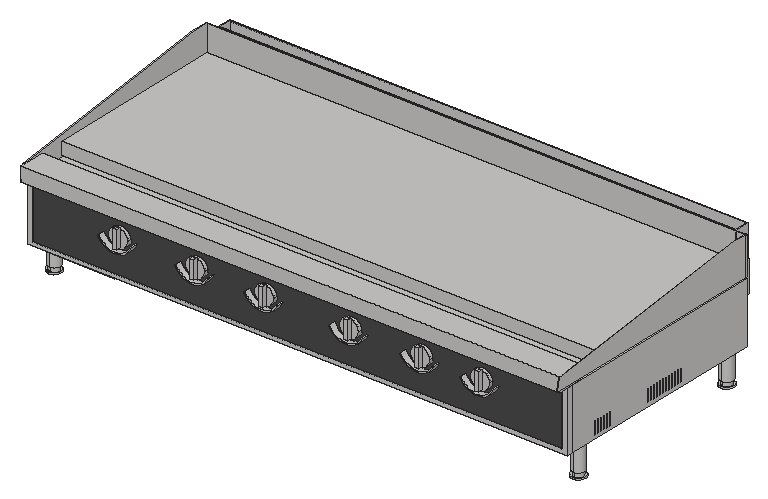
Revit family "QF_Vollrath_972GGT", category Specialty Equipment, Revit 2016 (continued)
Automatic sketch dimensions
  Sweep 67 sketch curve to profile plane = 0.00"
  Sweep 67 sketch curve to Sweep 67 sketch curve = 0.14592"
  Sweep 67 sketch curve to Sweep 67 sketch curve = 0.83484"
  Extrusion 78 sketch curve to Extrusion 78 sketch curve = 1.25"
  Extrusion 79 sketch curve to Extrusion 79 sketch curve = 0.55267"
  profile plane to Sweep 80 sketch curve = 0.00"
  Sweep 80 sketch curve to profile plane = 0.00"
  Sweep 80 sketch curve to Sweep 80 sketch curve = 0.14592"
  Sweep 80 sketch curve to Sweep 80 sketch curve = 0.83484"
  Extrusion 90 sketch curve to Extrusion 90 sketch curve = 1.25"
  Extrusion 91 sketch curve to Extrusion 91 sketch curve = 0.55267"
  Sweep 92 sketch curve to Sweep 92 sketch curve = 2.25"  (x2)
  profile plane to Sweep 92 sketch curve = 0.00"
  Sweep 92 sketch curve to profile plane = 0.00"
  Sweep 92 sketch curve to Sweep 92 sketch curve = 0.14592"
  Sweep 92 sketch curve to Sweep 92 sketch curve = 0.83484"
  Extrusion 28 sketch curve to Extrusion 28 sketch curve = 2.42552"
  Extrusion 30 sketch curve to Extrusion 30 sketch curve = 2.42552"
  Sweep 66 sketch curve to Sweep 66 sketch curve = 2.25"  (x2)
  Sweep 66 sketch curve to Sweep 66 sketch curve = 1.04671"
  Sweep 67 sketch curve to Sweep 67 sketch curve = 1.04671"
  Extrusion 79 sketch curve to Extrusion 79 sketch curve = 2.42552"
  Sweep 80 sketch curve to Sweep 80 sketch curve = 2.25"  (x2)
  Sweep 80 sketch curve to Sweep 80 sketch curve = 1.04671"
  Extrusion 91 sketch curve to Extrusion 91 sketch curve = 2.42552"
  Sweep 92 sketch curve to Sweep 92 sketch curve = 1.04671"
  Extrusion 93 sketch curve to Extrusion 93 sketch curve = 1.25"
  Extrusion 94 sketch curve to Extrusion 94 sketch curve = 0.55267"
  Extrusion 95 sketch curve to Extrusion 95 sketch curve = 1.25"
  Extrusion 96 sketch curve to Extrusion 96 sketch curve = 0.55267"
  profile plane to Sweep 97 sketch curve = 0.00"
  Sweep 97 sketch curve to profile plane = 0.00"
  Sweep 97 sketch curve to profile plane = 0.14592"
  Sweep 97 sketch curve to Sweep 97 sketch curve = 0.83484"
  Sweep 98 sketch curve to Sweep 98 sketch curve = 2.25"  (x2)
  profile plane to Sweep 98 sketch curve = 0.00"
  Sweep 98 sketch curve to profile plane = 0.00"
  Sweep 98 sketch curve to Sweep 98 sketch curve = 0.14592"
  Sweep 98 sketch curve to Sweep 98 sketch curve = 0.83484"
  Extrusion 99 sketch curve to Extrusion 99 sketch curve = 1.25"
  Extrusion 100 sketch curve to Extrusion 100 sketch curve = 0.55267"
  profile plane to Sweep 101 sketch curve = 0.00"
  Sweep 101 sketch curve to profile plane = 0.00"
  Sweep 101 sketch curve to Sweep 101 sketch curve = 0.14592"
  Sweep 101 sketch curve to Sweep 101 sketch curve = 0.83484"
  Extrusion 102 sketch curve to Extrusion 102 sketch curve = 1.25"
  Extrusion 103 sketch curve to Extrusion 103 sketch curve = 0.55267"
  Sweep 104 sketch curve to Sweep 104 sketch curve = 2.25"  (x2)
  profile plane to Sweep 104 sketch curve = 0.00"
  Sweep 104 sketch curve to profile plane = 0.00"
  Sweep 104 sketch curve to Sweep 104 sketch curve = 0.14592"
  Sweep 104 sketch curve to Sweep 104 sketch curve = 0.83484"
  Extrusion 94 sketch curve to Extrusion 94 sketch curve = 2.42552"
  Extrusion 96 sketch curve to Extrusion 96 sketch curve = 2.42552"
  Sweep 97 sketch curve to Sweep 97 sketch curve = 2.25"  (x2)
  Sweep 97 sketch curve to Sweep 97 sketch curve = 1.04671"
  Sweep 98 sketch curve to Sweep 98 sketch curve = 1.04671"
  Extrusion 100 sketch curve to Extrusion 100 sketch curve = 2.42552"
  Sweep 101 sketch curve to Sweep 101 sketch curve = 2.25"  (x2)
  Sweep 101 sketch curve to Sweep 101 sketch curve = 1.04671"
  Extrusion 103 sketch curve to Extrusion 103 sketch curve = 2.42552"
  Sweep 104 sketch curve to Sweep 104 sketch curve = 1.04671"
  Extrusion 27 sketch curve to Extrusion 27 sketch curve = 0.00"  (x2)
  Extrusion 29 sketch curve to Extrusion 29 sketch curve = 0.00"  (x2)
  Extrusion 78 sketch curve to Extrusion 78 sketch curve = 0.00"  (x2)
  Extrusion 90 sketch curve to Extrusion 90 sketch curve = 0.00"  (x2)
  Extrusion 93 sketch curve to Extrusion 93 sketch curve = 0.00"  (x2)
  Extrusion 95 sketch curve to Extrusion 95 sketch curve = 0.00"  (x2)
  Extrusion 99 sketch curve to Extrusion 99 sketch curve = 0.00"  (x2)
  Extrusion 102 sketch curve to Extrusion 102 sketch curve = 0.00"  (x2)
  Extrusion 105 sketch curve to Extrusion 105 sketch curve = 0.00"  (x2)
  Extrusion 105 sketch curve to Extrusion 105 sketch curve = 1.25"
  Extrusion 106 sketch curve to Extrusion 106 sketch curve = 0.55267"
  Extrusion 106 sketch curve to Extrusion 106 sketch curve = 2.42552"
  Sweep 107 sketch curve to Sweep 107 sketch curve = 2.25"  (x2)
  Sweep 107 sketch curve to Sweep 107 sketch curve = 1.04671"
  profile plane to Sweep 107 sketch curve = 0.00"
  Sweep 107 sketch curve to profile plane = 0.00"
  Sweep 107 sketch curve to profile plane = 0.14592"
  Sweep 107 sketch curve to Sweep 107 sketch curve = 0.83484"
  plane 14 to Extrusion 1 sketch curve = 1.00"
  Extrusion 1 sketch curve to plane 13 = 3.875"
  plane 14 to Extrusion 2 sketch curve = 1.00"
  Extrusion 2 sketch curve to plane 13 = 3.875"
  plane 14 to Extrusion 3 sketch curve = 1.00"
  Extrusion 3 sketch curve to plane 13 = 3.875"
  Extrusion 10 sketch curve to plane 24 = 0.87"
  plane 14 to Extrusion 10 sketch curve = 1.00"
  Extrusion 11 sketch curve to plane 24 = 0.87"
  plane 14 to Extrusion 11 sketch curve = 1.00"
  Extrusion 12 sketch curve to plane 24 = 0.87"
  plane 14 to Extrusion 12 sketch curve = 1.00"
  Extrusion 14 sketch curve to plane 10 = 0.00"
  Extrusion 14 sketch curve to plane 6 "Top of Legs" = 0.00"
  plane 14 to Extrusion 14 sketch curve = 2.875"
  Extrusion 14 sketch curve to plane 31 = 0.90959"
  Extrusion 15 sketch curve to plane 3 "LEFT CLEARANCE" = 0.00"
  plane 23 "FRONT" to Extrusion 15 sketch curve = 0.00"
  Extrusion 15 sketch curve to plane 5 "BACK CLEARANCE" = 0.00"
  Extrusion 15 sketch curve to plane 7 "LEFT" = 0.00"
  Extrusion 25 sketch curve to plane 34 = 0.11197"  (x43)
  plane 25 to Extrusion 25 sketch curve = 1.02258"
  Extrusion 25 sketch curve to Extrusion 25 sketch curve = 0.25"  (x77)
  plane 25 to Extrusion 25 sketch curve = 0.02258"
  Extrusion 25 sketch curve to plane 25 = 0.22742"
  Extrusion 25 sketch curve to Extrusion 25 sketch curve = 0.20905"  (x6)
  plane 12 to Extrusion 25 sketch curve = 0.74738"
  Extrusion 25 sketch curve to Extrusion 25 sketch curve = 0.00"  (x42)
  Extrusion 26 sketch curve to plane 34 = 0.11197"  (x43)
  plane 25 to Extrusion 26 sketch curve = 1.02258"
  Extrusion 26 sketch curve to Extrusion 26 sketch curve = 0.25"  (x76)
  plane 25 to Extrusion 26 sketch curve = 0.02258"
  Extrusion 26 sketch curve to plane 25 = 0.22742"
  Extrusion 26 sketch curve to Extrusion 26 sketch curve = 0.20905"  (x7)
  plane 12 to Extrusion 26 sketch curve = 0.74738"
  Extrusion 26 sketch curve to Extrusion 26 sketch curve = 0.00"  (x42)
  plane 24 to Extrusion 77 sketch curve = 1.44225"
  Extrusion 77 sketch curve to plane 25 = 4.18647"
  plane 27 to Extrusion 4 sketch curve = 0.25247"
  Extrusion 4 sketch curve to plane 13 = 3.875"
  plane 27 to Extrusion 5 sketch curve = 0.25247"
  Extrusion 5 sketch curve to plane 13 = 3.875"
  plane 27 to Extrusion 6 sketch curve = 0.25247"
  Extrusion 6 sketch curve to plane 13 = 3.875"
  plane 27 to Extrusion 7 sketch curve = 0.25247"
  Extrusion 7 sketch curve to plane 24 = 0.87"
  plane 27 to Extrusion 8 sketch curve = 0.25247"
  Extrusion 8 sketch curve to plane 24 = 0.87"
  plane 27 to Extrusion 9 sketch curve = 0.25247"
  Extrusion 9 sketch curve to plane 24 = 0.87"
  Extrusion 18 sketch curve to plane 30 = 6.50"
  Extrusion 21 sketch curve to Extrusion 21 sketch curve = 0.69334"
  Extrusion 21 sketch curve to Extrusion 21 sketch curve = 70.55913"
  Extrusion 21 sketch curve to Extrusion 21 sketch curve = 0.74753"
  Extrusion 21 sketch curve to Extrusion 21 sketch curve = 0.59949"
  Extrusion 21 sketch curve to Extrusion 21 sketch curve = 6.90051"
  Extrusion 21 sketch curve to Extrusion 21 sketch curve = 0.56"
  Extrusion 24 sketch curve to Extrusion 24 sketch curve = 0.00"  (x16)
  Extrusion 24 sketch curve to Extrusion 24 sketch curve = 10.4824"
  Extrusion 24 sketch curve to Extrusion 24 sketch curve = 1.25"  (x6)
  Extrusion 24 sketch curve to Extrusion 24 sketch curve = 7.75"
  Extrusion 24 sketch curve to Extrusion 24 sketch curve = 6.75"
  Extrusion 24 sketch curve to Extrusion 24 sketch curve = 8.75666"
  Extrusion 24 sketch curve to Extrusion 24 sketch curve = 7.00"
  Extrusion 24 sketch curve to Extrusion 24 sketch curve = 5.49334"
  Extrusion 24 sketch curve to Extrusion 24 sketch curve = 9.32673"
  Extrusion 24 sketch curve to Extrusion 24 sketch curve = 4.76279"  (x2)
  Extrusion 24 sketch curve to Extrusion 24 sketch curve = 6.90051"
  curve 12 to plane 17 = 0.00"
  plane 17 to curve 20 = 0.00"
  curve 10 to plane 8 "RIGHT" = 0.00"
  plane 23 "FRONT" to curve 10 = 0.00"
  curve 5 to plane 4 "RIGHT CLEARANCE" = 0.00"
  curve 1 to plane 3 "LEFT CLEARANCE" = 0.00"
  curve 9 to plane 7 "LEFT" = 0.00"
  plane 24 to curve 9 = 0.00"
  plane 25 to curve 14 = 0.00"
  curve 6 to plane 8 "RIGHT" = 0.00"
  plane 9 "BACK" to curve 15 = 0.00"
  plane 5 "BACK CLEARANCE" to curve 4 = 0.00"
  curve 3 to plane 8 "RIGHT" = 0.00"
  curve 2 to plane 7 "LEFT" = 0.00"
  curve 10 to plane 7 "LEFT" = 0.00"
  plane 24 to curve 5 = 1.38"
  plane 24 to curve 1 = 1.38"
  curve 6 to plane 13 = 1.875"
  curve 11 to plane 31 = 0.90"
  plane 14 to curve 17 = 1.375"
  Extrusion 13 sketch curve to plane 7 "LEFT" = 0.00"
  Extrusion 13 sketch curve to plane 8 "RIGHT" = 0.00"
  plane 24 to Extrusion 13 sketch curve = 1.42599"
  Extrusion 13 sketch curve to plane 13 = 1.875"
  Extrusion 16 sketch curve to plane 8 "RIGHT" = 0.00"
  plane 23 "FRONT" to Extrusion 16 sketch curve = 0.00"
  plane 5 "BACK CLEARANCE" to Extrusion 16 sketch curve = 0.00"
  Extrusion 16 sketch curve to plane 4 "RIGHT CLEARANCE" = 0.00"
  Extrusion 17 sketch curve to plane 7 "LEFT" = 0.00"
  Extrusion 17 sketch curve to plane 9 "BACK" = 0.00"
  Extrusion 17 sketch curve to plane 5 "BACK CLEARANCE" = 0.00"
  Extrusion 17 sketch curve to plane 8 "RIGHT" = 0.00"
  Extrusion 19 sketch curve to plane 15 "Grease Trap" = 0.31831"
  Extrusion 19 sketch curve to plane 16 "TOP" = 0.00"
  plane 23 "FRONT" to Extrusion 19 sketch curve = 0.00644"
  Extrusion 19 sketch curve to plane 22 = 0.08098"
  Extrusion 19 sketch curve to plane 23 "FRONT" = 0.38929"
  Extrusion 19 sketch curve to plane 13 = 3.89513"
  Extrusion 19 sketch curve to plane 13 = 1.875"
  Extrusion 20 sketch curve to plane 15 "Grease Trap" = 0.31831"
  Extrusion 20 sketch curve to plane 23 "FRONT" = 0.00"
  Extrusion 20 sketch curve to plane 22 = 0.00"
  Extrusion 20 sketch curve to plane 24 = 0.00"
  Extrusion 22 sketch curve to plane 15 "Grease Trap" = 0.00"
  Extrusion 22 sketch curve to plane 16 "TOP" = 0.00"
  plane 23 "FRONT" to Extrusion 22 sketch curve = 0.41648"
  plane 23 "FRONT" to Extrusion 22 sketch curve = 0.04007"
  Extrusion 22 sketch curve to plane 13 = 3.72856"
  Extrusion 22 sketch curve to plane 13 = 1.875"
  Extrusion 22 sketch curve to plane 22 = 0.15633"
  Extrusion 23 sketch curve to plane 15 "Grease Trap" = 0.00"
  Extrusion 23 sketch curve to plane 16 "TOP" = 0.00"
  Extrusion 23 sketch curve to plane 13 = 2.00"
  Extrusion 23 sketch curve to Extrusion 23 sketch curve = 0.125"
  Extrusion 68 sketch curve to plane 29 = 0.00"
  plane 13 to Extrusion 68 sketch curve = 0.00"
  Extrusion 68 sketch curve to plane 9 "BACK" = 0.00"
  Extrusion 68 sketch curve to plane 13 = 1.73189"
  Extrusion 68 sketch curve to Extrusion 68 sketch curve = 0.14311"
  plane 29 to Extrusion 68 sketch curve = 0.15725"
  plane 14 to Extrusion 68 sketch curve = 1.49734"
  Extrusion 68 sketch curve to Extrusion 68 sketch curve = 0.12234"
  Extrusion 69 sketch curve to plane 29 = 0.00"
  Extrusion 69 sketch curve to plane 9 "BACK" = 0.00"
  Extrusion 69 sketch curve to plane 13 = 1.875"
  plane 14 to Extrusion 69 sketch curve = 1.375"
  Extrusion 70 sketch curve to plane 25 = 0.00"
  Extrusion 70 sketch curve to plane 13 = 2.00"
  Extrusion 113 sketch curve to plane 10 = 0.00"
  Extrusion 113 sketch curve to plane 6 "Top of Legs" = 0.00"
  plane 29 to Extrusion 113 sketch curve = 9.65725"
  plane 29 to Extrusion 113 sketch curve = 1.56684"
  Extrusion 114 sketch curve to plane 11 = 0.00"
  plane 24 to Extrusion 114 sketch curve = 1.44225"
  Extrusion 114 sketch curve to plane 25 = 4.18647"
  plane 25 to curve 28 = 0.00"
  plane 25 to curve 21 = 0.00"
  plane 25 to curve 22 = 0.00"
  plane 25 to curve 23 = 0.00"
  plane 25 to curve 24 = 0.00"
  plane 25 to curve 27 = 0.00"
  plane 24 to curve 23 = 0.00"
  plane 24 to curve 26 = 0.00"
  plane 24 to curve 27 = 0.00"
  plane 24 to curve 24 = 0.00"
  plane 24 to curve 25 = 0.00"
  plane 24 to curve 28 = 0.00"
  plane 14 to curve 21 = 2.875"
  curve 21 to curve 26 = 4.09041"
  plane 29 to curve 27 = 5.65725"
  curve 23 to curve 27 = 0.00"
  plane 29 to curve 24 = 1.53225"
  curve 28 to curve 24 = 0.00"
  Extrusion 115 sketch curve to Extrusion 115 sketch curve = 0.00"  (x2)
  Extrusion 115 sketch curve to Extrusion 115 sketch curve = 1.25"
  Extrusion 116 sketch curve to Extrusion 116 sketch curve = 0.55267"
  Extrusion 116 sketch curve to Extrusion 116 sketch curve = 2.42552"
  Sweep 117 sketch curve to Sweep 117 sketch curve = 2.25"  (x2)
  Sweep 117 sketch curve to Sweep 117 sketch curve = 1.04671"
  profile plane to Sweep 117 sketch curve = 0.00"
  Sweep 117 sketch curve to profile plane = 0.00"
  Sweep 117 sketch curve to Sweep 117 sketch curve = 0.14592"
  Sweep 117 sketch curve to Sweep 117 sketch curve = 0.83484"
  Extrusion 111 sketch curve to Extrusion 111 sketch curve = 0.69334"
  Extrusion 111 sketch curve to Extrusion 111 sketch curve = 70.55913"
  Extrusion 111 sketch curve to Extrusion 111 sketch curve = 0.74753"
  Extrusion 111 sketch curve to Extrusion 111 sketch curve = 0.59949"
  Extrusion 111 sketch curve to Extrusion 111 sketch curve = 6.90051"
  Extrusion 111 sketch curve to Extrusion 111 sketch curve = 0.56"
  Extrusion 112 sketch curve to Extrusion 112 sketch curve = 0.00"  (x16)
  Extrusion 112 sketch curve to Extrusion 112 sketch curve = 10.4824"
  Extrusion 112 sketch curve to Extrusion 112 sketch curve = 1.25"  (x6)
  Extrusion 112 sketch curve to Extrusion 112 sketch curve = 7.75"
  Extrusion 112 sketch curve to Extrusion 112 sketch curve = 6.75"
  Extrusion 112 sketch curve to Extrusion 112 sketch curve = 8.75666"
  Extrusion 112 sketch curve to Extrusion 112 sketch curve = 7.00"
  Extrusion 112 sketch curve to Extrusion 112 sketch curve = 5.49334"
  Extrusion 112 sketch curve to Extrusion 112 sketch curve = 9.32673"
  Extrusion 112 sketch curve to Extrusion 112 sketch curve = 4.76279"  (x2)
  Extrusion 112 sketch curve to Extrusion 112 sketch curve = 6.90051"
  radius of Extrusion 31 sketch curve = 0.25"
  radius of Extrusion 32 sketch curve = 0.25"
  radius of Extrusion 33 sketch curve = 0.25"
  radius of Extrusion 34 sketch curve = 0.25"
  radius of Extrusion 35 sketch curve = 0.25"
  radius of Extrusion 36 sketch curve = 0.25"
  radius of Extrusion 37 sketch curve = 0.25"
  radius of Extrusion 38 sketch curve = 0.25"
  radius of Extrusion 39 sketch curve = 0.25"
  radius of Extrusion 40 sketch curve = 0.25"
  radius of Extrusion 41 sketch curve = 0.25"
  radius of Extrusion 42 sketch curve = 0.25"
  radius of Extrusion 43 sketch curve = 0.25"
  radius of Extrusion 44 sketch curve = 0.25"
  radius of Extrusion 45 sketch curve = 0.25"
  radius of Extrusion 46 sketch curve = 0.25"
  radius of Extrusion 47 sketch curve = 0.25"
  radius of Extrusion 48 sketch curve = 0.25"
  radius of Extrusion 49 sketch curve = 0.25"
  radius of Extrusion 50 sketch curve = 0.25"
  radius of Extrusion 51 sketch curve = 0.25"
  radius of Extrusion 52 sketch curve = 0.25"
  radius of Extrusion 53 sketch curve = 0.25"
  radius of Extrusion 54 sketch curve = 0.25"
  radius of Extrusion 55 sketch curve = 0.25"
  radius of Extrusion 56 sketch curve = 0.25"
  radius of Extrusion 57 sketch curve = 0.25"
  radius of Extrusion 58 sketch curve = 0.25"
  radius of Extrusion 59 sketch curve = 0.25"
  radius of Extrusion 60 sketch curve = 0.25"
  radius of Extrusion 61 sketch curve = 0.25"
  radius of Extrusion 62 sketch curve = 0.25"
  radius of Extrusion 63 sketch curve = 0.25"
  radius of Extrusion 64 sketch curve = 0.25"
  radius of Extrusion 65 sketch curve = 0.25"
  radius of Extrusion 1 sketch curve = 0.9375"
  radius of Extrusion 2 sketch curve = 0.625"
  radius of Extrusion 3 sketch curve = 0.8125"
  radius of Extrusion 10 sketch curve = 0.9375"
  radius of Extrusion 11 sketch curve = 0.625"
  radius of Extrusion 12 sketch curve = 0.8125"
  radius of Extrusion 4 sketch curve = 0.9375"
  radius of Extrusion 5 sketch curve = 0.625"
  radius of Extrusion 6 sketch curve = 0.8125"
  radius of Extrusion 7 sketch curve = 0.9375"
  radius of Extrusion 8 sketch curve = 0.625"
  radius of Extrusion 9 sketch curve = 0.8125"
  radius of Extrusion 18 sketch curve = 0.375"
Connectors (in)
  piping at (17.77924, -0.5, 31.5), diameter 0.75
    settings: on Extrusion 18, index 1, connector inside diameter 3/4", connector length 0.00", flow factor 0, pipe flow 0 GPM, pressure drop 0.00 psi, fitting loss kfactor 0, connector angle 0.00°, fixture units 0, engagement length 0.00", angle of deflection 0.00°, flow configuration 1, flow direction 1, fitting loss method 0, system type 22, joint type 0, gender type 0, connector reference index -1, connector utility 0, adjustable connector no, is connector primary yes, connector description "Gas Connection"
